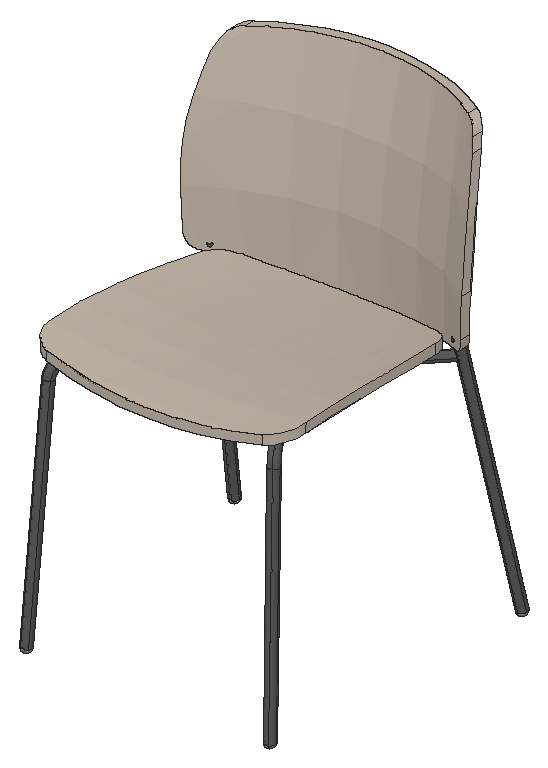
Revit family "FU_Chair_Sandler_Aryn Max 1-5", category Furniture, Revit 2020
Family settings
  OmniClass Number = 23.40.20.00
  OmniClass Title = General Furniture and Specialties
  Work Plane-Based = No
  Always vertical = Yes
  Cut with Voids When Loaded = No
  Shared = No
  Room Calculation Point = No
Parameters (values of type "Aryn Max 1.5")
  Width = 520 mm
  URL = "https://www.sandlerseating.com/product/aryn-max-1-5/"
  Seat [instance] = Fabric - Gravity - Wheat CPC21
  Model = "Aryn Max 1.5"
  Manufacturer = "Sandler"
  Height = 780 mm
  Frame [instance] = Epoxy - M1_B00 - Black
  Description = "Stackable chair with fully upholstered seat and backrest and 4 leg base made with steel tubing. Greenguard Certified."
  Depth = 530 mm
  Default Elevation = 0 mm
Reference planes
  plane 1 "Center (Front/Back)": y = 0
  plane 2: z = 0
  plane 3 "Center (Left/Right)": x = 0
  plane 4 "Right": x = -260
  plane 5 "Left": x = 260
  plane 6 "Back": y = 265
  plane 7 "Front": y = -265
  plane 8 "Height": z = 780
  plane 9 "Seat height": z = 460
  plane 10 "BLL FRONT": through (250.382, -1524, 9.239) normal (-0.9972, 0, -0.0744)
  plane 11 "Frame Front RIGHT": through (4267.2, -198.696, 446.759) normal (0, 0.08, 0.9968)
  plane 12 "RFL TOP": through (-141.022, -129.086, 1200) normal (0.8709, -0.4914, 0)
  plane 13 "Frame Back RIGHT": through (4267.2, 33.622, 428.122) normal (0, -0.0217, 0.9998)
  plane 14 "Glides": z = 8
Forms (mm)
  Sweep 1, solid, material "Epoxy - M1_B00 - Black" <- "Frame"
    path origin (-51.726, 29.184, 0) x (0.491386, 0.870942, 0) y (0, 0, 1)
      loop
        line (-328.166, -13.028) -> (-294.178, 420.642)
        arc (-294.178, 420.642) -> (-283.566, 440.645) -> (-261.706, 446.552) r 28.432
        line (-261.706, 446.552) -> (-256.715, 446.246)
    profile "Pro_Circles : 18mm" origin (-204.632, -241.829, 203.807) x (-0.489884, -0.868279, 0.078134) y (0.870942, -0.491386, 0)
      loop
        arc (-8.967, 0.067) -> (-6.408, -6.313) -> (-0.067, -8.967) r 8.901
        arc (-0.067, -8.967) -> (6.361, -6.361) -> (8.967, 0.067) r 8.901
        arc (8.967, 0.067) -> (6.313, 6.407) -> (-0.067, 8.967) r 8.901
        arc (-0.067, 8.967) -> (-6.36, 6.36) -> (-8.967, 0.067) r 8.9
  Sweep 2, solid, material "Epoxy - M1_B00 - Black" <- "Frame"
    path origin (0, 34.34, 428.064) x (0, -0.996798, 0.079964) y (1, 0, 0)
      loop
        line (-0.763, -109.079) -> (134.793, -131.041)
        arc (134.793, -131.041) -> (149.795, -134.796) -> (163.951, -141.022) r 91.523
        line (163.951, -141.022) -> (235.331, -181.166)
    profile "Pro_Circles : 18mm" origin (-120.06, -32.461, 433.423) x (0.987128, -0.15942, 0.012789) y (0, 0.079964, 0.996798)
      loop
        arc (-8.967, 0.067) -> (-6.408, -6.313) -> (-0.067, -8.967) r 8.901
        arc (-0.067, -8.967) -> (6.361, -6.361) -> (8.967, 0.067) r 8.901
        arc (8.967, 0.067) -> (6.313, 6.407) -> (-0.067, 8.967) r 8.901
        arc (-0.067, 8.967) -> (-6.36, 6.36) -> (-8.967, 0.067) r 8.9
  Sweep 3, solid, material "Epoxy - M1_B00 - Black" <- "Frame"
    path origin (0, -9.252, 427.193) x (0, -0.999766, -0.021652) y (1, 0, 0)
      loop
        line (-175.346, -219.563) -> (-81.686, -121.734)
        arc (-81.686, -121.734) -> (-64.572, -110.836) -> (-44.359, -109.079) r 42.651
    profile "Pro_Circles : 18mm" origin (-170.648, 119.234, 429.976) x (0.691547, 0.722162, 0.01564) y (0, -0.021652, 0.999766)
      loop
        arc (-8.967, 0.067) -> (-6.408, -6.313) -> (-0.067, -8.967) r 8.901
        arc (-0.067, -8.967) -> (6.361, -6.361) -> (8.967, 0.067) r 8.901
        arc (8.967, 0.067) -> (6.313, 6.407) -> (-0.067, 8.967) r 8.901
        arc (-0.067, 8.967) -> (-6.36, 6.36) -> (-8.967, 0.067) r 8.9
  Sweep 4, solid, material "Epoxy - M1_B00 - Black" <- "Frame"
    path origin (249.681, -7.5, 18.632) x (0.074415, 0, -0.997227) y (0, -1, 0)
      loop
        line (28.25, -257.256) -> (-448.195, -157.276)
    profile "Pro_Circles : 18mm" origin (234.056, 199.766, 228.022) x (-0.015283, 0.978684, 0.204803) y (-0.997227, 0, -0.074415)
      loop
        arc (-8.967, 0.067) -> (-6.408, -6.313) -> (-0.067, -8.967) r 8.901
        arc (-0.067, -8.967) -> (6.361, -6.361) -> (8.967, 0.067) r 8.901
        arc (8.967, 0.067) -> (6.313, 6.407) -> (-0.067, 8.967) r 8.901
        arc (-0.067, 8.967) -> (-6.36, 6.36) -> (-8.967, 0.067) r 8.9
  Sweep 5, solid, material "Epoxy - M1_B00 - Black" <- "Frame"
    path origin (51.726, 29.184, 0) x (-0.491386, 0.870942, 0) y (0, 0, -1)
      loop
        line (-328.166, 13.028) -> (-294.178, -420.642)
        arc (-294.178, -420.642) -> (-283.566, -440.645) -> (-261.706, -446.552) r 28.432
        line (-261.706, -446.552) -> (-256.715, -446.246)
    profile "Pro_Circles : 18mm" origin (204.632, -241.829, 203.807) x (-0.489884, 0.868279, -0.078134) y (-0.870942, -0.491386, 0)
      loop
        arc (8.967, 0.067) -> (6.36, 6.36) -> (0.067, 8.967) r 8.9
        arc (0.067, 8.967) -> (-6.313, 6.407) -> (-8.967, 0.067) r 8.901
        arc (-8.967, 0.067) -> (-6.361, -6.361) -> (0.067, -8.967) r 8.901
        arc (0.067, -8.967) -> (6.408, -6.313) -> (8.967, 0.067) r 8.901
  Sweep 6, solid, material "Epoxy - M1_B00 - Black" <- "Frame"
    path origin (0, 34.34, 428.064) x (0, -0.996798, 0.079964) y (-1, 0, 0)
      loop
        line (-0.763, -109.079) -> (134.793, -131.041)
        arc (134.793, -131.041) -> (149.795, -134.796) -> (163.951, -141.022) r 91.523
        line (163.951, -141.022) -> (235.331, -181.166)
    profile "Pro_Circles : 18mm" origin (120.06, -32.461, 433.423) x (0.987128, 0.15942, -0.012789) y (0, 0.079964, 0.996798)
      loop
        arc (8.967, 0.067) -> (6.36, 6.36) -> (0.067, 8.967) r 8.9
        arc (0.067, 8.967) -> (-6.313, 6.407) -> (-8.967, 0.067) r 8.901
        arc (-8.967, 0.067) -> (-6.361, -6.361) -> (0.067, -8.967) r 8.901
        arc (0.067, -8.967) -> (6.408, -6.313) -> (8.967, 0.067) r 8.901
  Sweep 7, solid, material "Epoxy - M1_B00 - Black" <- "Frame"
    path origin (-249.681, -7.5, 18.632) x (-0.074415, 0, -0.997227) y (0, 1, 0)
      loop
        line (28.25, 257.256) -> (-448.058, 157.305)
    profile "Pro_Circles : 18mm" origin (-234.061, 199.781, 227.954) x (-0.015283, -0.978684, -0.204803) y (0.997227, 0, -0.074415)
      loop
        arc (8.967, 0.067) -> (6.36, 6.36) -> (0.067, 8.967) r 8.9
        arc (0.067, 8.967) -> (-6.313, 6.407) -> (-8.967, 0.067) r 8.901
        arc (-8.967, 0.067) -> (-6.361, -6.361) -> (0.067, -8.967) r 8.901
        arc (0.067, -8.967) -> (6.408, -6.313) -> (8.967, 0.067) r 8.901
  Sweep 8, solid, material "Epoxy - M1_B00 - Black" <- "Frame"
    path origin (0, -9.252, 427.193) x (0, -0.999766, -0.021652) y (-1, 0, 0)
      loop
        line (-175.346, -219.563) -> (-81.686, -121.734)
        arc (-81.686, -121.734) -> (-64.572, -110.836) -> (-44.359, -109.079) r 42.651
    profile "Pro_Circles : 18mm" origin (170.648, 119.234, 429.976) x (0.691547, -0.722162, -0.01564) y (0, -0.021652, 0.999766)
      loop
        arc (8.967, 0.067) -> (6.36, 6.36) -> (0.067, 8.967) r 8.9
        arc (0.067, 8.967) -> (-6.313, 6.407) -> (-8.967, 0.067) r 8.901
        arc (-8.967, 0.067) -> (-6.361, -6.361) -> (0.067, -8.967) r 8.901
        arc (0.067, -8.967) -> (6.408, -6.313) -> (8.967, 0.067) r 8.901
  SweptBlend 9, solid, material "Fabric - Gravity - Wheat CPC21" <- "Seat"
    path in 3D
      loop
        spline (0, 240.678, 411.512) -> (0, 198.353, 416.47) -> (0, 152.324, 422.267) -> (0, 103.604, 428.497) -> (0, 53.207, 434.755) -> (0, 2.147, 440.635) -> (0, -48.564, 445.733) -> (0, -97.909, 449.643) -> (0, -144.878, 451.96) -> (0, -188.455, 452.278) -> (0, -227.626, 450.192) -> (0, -261.379, 445.298) -> (0, -288.7, 437.19)
    profile "Pro_ArynMax_SeatBack-Uph : Pro_ArynMax_SeatBack-Uph" origin (0, 240.678, 411.512) x (0, -0.109086, -0.994032) y (1, 0, 0)
      loop
        arc (-31.139, -224.979) -> (0, 0.022) -> (-31.151, 225.021) r 828.304
        line (-31.151, 225.021) -> (-47.542, 225.021)
        arc (-47.542, 225.021) -> (-15.869, 0.022) -> (-47.53, -224.979) r 815.145
        line (-47.53, -224.979) -> (-31.139, -224.979)
    end profile "Pro_ArynMax_SeatFront_Uph : Pro_ArynMax_SeatFront_Uph" origin (0, -288.7, 437.19) x (0, 0.382893, -0.923793) y (1, 0, 0)
      loop
        line (-26.966, -235) -> (-11.131, -235)
        arc (-11.131, -235) -> (0, 0) -> (-11.129, 235) r 2486.398
        line (-11.129, 235) -> (-26.964, 235)
        arc (-26.964, 235) -> (-15.763, 0) -> (-26.966, -235) r 2470.46
  Extrusion 10, void
    sketch origin (0, 0, 0) x (1, 0, 0) y (0, 1, 0)
      loop
        arc (-204.515, 114.088) -> (-219.818, -38.462) -> (-224.424, -191.708) r 2192.678
        arc (-224.424, -191.708) -> (-213.825, -223.125) -> (-186.545, -241.97) r 52.63
        arc (-186.545, -241.97) -> (0, -263.384) -> (186.545, -241.97) r 823.215
        arc (186.545, -241.97) -> (213.825, -223.125) -> (224.424, -191.708) r 52.63
        arc (224.424, -191.708) -> (219.818, -38.462) -> (204.515, 114.088) r 2192.678
        arc (204.515, 114.088) -> (195.383, 140.311) -> (174.066, 158.103) r 52.034
        arc (174.066, 158.103) -> (0, 195.698) -> (-174.066, 158.103) r 421.764
        arc (-174.066, 158.103) -> (-195.383, 140.311) -> (-204.515, 114.088) r 52.034
      loop
        line (-260, 265) -> (-260, -309.796) -> (260, -309.796) -> (260, 265) -> (-260, 265)
    from 398.887 to 504.784
  Sweep 11, solid, material "Fabric - Gravity - Wheat CPC21" <- "Seat"
    path origin (0, 0, 0) x (0, 1, 0) y (0, 0, 1)
      loop
        arc (223.918, 396.735) -> (224.639, 603.169) -> (274.5, 803.493) r 860.629
    profile "Pro_ArynMax_Back-Uph : Pro_ArynMax_Back-Uph" origin (0, 224.639, 603.169) x (0, -0.992357, 0.123404) y (1, 0, 0)
      loop
        line (103.073, -275) -> (121.794, -275)
        arc (121.794, -275) -> (15.81, 0.011) -> (121.851, 275) r 409.685
        line (121.851, 275) -> (103.079, 275)
        arc (103.079, 275) -> (0, 0.001) -> (103.073, -275) r 418.379
  Extrusion 12, void
    sketch origin (0, 0, 0) x (1, 0, 0) y (0, 0, 1)
      loop
        line (-290, 870) -> (-290, 340) -> (290, 340) -> (290, 870) -> (-290, 870)
      loop
        arc (-220.145, 766.435) -> (-224.063, 756.846) -> (-227.759, 747.169) r 450.097
        arc (-227.759, 747.169) -> (-244.037, 649.532) -> (-245.007, 550.552) r 637.591
        arc (-245.007, 550.552) -> (-243.032, 515.829) -> (-241.828, 481.07) r 1567.313
        arc (-241.828, 481.07) -> (-238.204, 464.635) -> (-226.277, 452.76) r 29.905
        arc (-226.277, 452.76) -> (0, 422.676) -> (226.277, 452.76) r 866.028
        arc (226.277, 452.76) -> (238.204, 464.635) -> (241.828, 481.07) r 29.905
        arc (241.828, 481.07) -> (243.032, 515.829) -> (245.007, 550.552) r 1567.313
        arc (245.007, 550.552) -> (244.037, 649.532) -> (227.759, 747.169) r 637.591
        arc (227.759, 747.169) -> (224.063, 756.846) -> (220.145, 766.435) r 450.097
        arc (220.145, 766.435) -> (209.812, 779.426) -> (194.239, 785.174) r 30.826
        arc (194.239, 785.174) -> (0, 789.999) -> (-194.239, 785.174) r 3911.947
        arc (-194.239, 785.174) -> (-209.812, 779.426) -> (-220.145, 766.435) r 30.826
    from -283.311 to -76.513
  Extrusion 13, void
    sketch origin (0, 0, 0) x (0, 1, 0) y (0, 0, 1)
      loop
        line (-270.234, 8) -> (-270.234, -17) -> (269.766, -17) -> (269.766, 8) -> (-270.234, 8)
    from -270 to 270
  Revolve 14, solid, material "Rubber, Black"
    sketch origin (-51.726, 29.184, 0) x (0.491386, 0.870942, 0) y (0, 0, 1)
      loop
        spline (-326.452, 16) -> (-328.781, 15.727) -> (-330.952, 14.928) -> (-332.816, 13.657) -> (-334.246, 12) -> (-335.145, 10.071) -> (-335.452, 8) -> (-335.145, 5.929) -> (-334.246, 4) -> (-332.816, 2.343) -> (-330.952, 1.072) -> (-328.781, 0.273) -> (-326.452, 0)
        line (-326.452, 0) -> (-326.452, 16)
      axis (-326.452, 16) -> (-326.452, 0)
    angle from 0 to 360
  Revolve 15, solid, material "Rubber, Black"
    sketch origin (51.726, 29.184, 0) x (-0.491386, 0.870942, 0) y (0, 0, -1)
      loop
        line (-326.452, -16) -> (-326.452, 0)
        spline (-326.452, 0) -> (-328.781, -0.273) -> (-330.952, -1.072) -> (-332.816, -2.343) -> (-334.246, -4) -> (-335.145, -5.929) -> (-335.452, -8) -> (-335.145, -10.071) -> (-334.246, -12) -> (-332.816, -13.657) -> (-330.952, -14.928) -> (-328.781, -15.727) -> (-326.452, -16)
      axis (-326.452, -16) -> (-326.452, 0)
    angle from 0 to 360
  Revolve 16, solid, material "Rubber, Black"
    sketch origin (90.003, -38.223, 0) x (-0.491386, -0.870942, 0) y (0, 0, 1)
      loop
        spline (-326.452, 16) -> (-328.781, 15.727) -> (-330.952, 14.928) -> (-332.816, 13.657) -> (-334.246, 12) -> (-335.145, 10.071) -> (-335.452, 8) -> (-335.145, 5.929) -> (-334.246, 4) -> (-332.816, 2.343) -> (-330.952, 1.072) -> (-328.781, 0.273) -> (-326.452, 0)
        line (-326.452, 0) -> (-326.452, 16)
      axis (-326.452, 16) -> (-326.452, 0)
    angle from 0 to 360
  Revolve 17, solid, material "Rubber, Black"
    sketch origin (-90.003, -38.223, 0) x (0.491386, -0.870942, 0) y (0, 0, -1)
      loop
        line (-326.452, -16) -> (-326.452, 0)
        spline (-326.452, 0) -> (-328.781, -0.273) -> (-330.952, -1.072) -> (-332.816, -2.343) -> (-334.246, -4) -> (-335.145, -5.929) -> (-335.452, -8) -> (-335.145, -10.071) -> (-334.246, -12) -> (-332.816, -13.657) -> (-330.952, -14.928) -> (-328.781, -15.727) -> (-326.452, -16)
      axis (-326.452, -16) -> (-326.452, 0)
    angle from 0 to 360
Cuts and joins
  Extrusion 10 cuts SweptBlend 9
  Extrusion 13 cuts Sweep 1
  Extrusion 13 cuts Sweep 7
  Extrusion 13 cuts Sweep 5
  Extrusion 13 cuts Sweep 4
  Extrusion 12 cuts Sweep 11
Lines and regions (mm)
  sketch lines
    curve 1: spline (0, 240.678, 411.512) -> (0, 198.353, 416.47) -> (0, 152.324, 422.267) -> (0, 103.604, 428.497) -> (0, 53.207, 434.755) -> (0, 2.147, 440.635) -> (0, -48.564, 445.733) -> (0, -97.909, 449.643) -> (0, -144.878, 451.96) -> (0, -188.455, 452.278) -> (0, -227.626, 450.192) -> (0, -261.379, 445.298) -> (0, -288.7, 437.19)
Dimensions and locks
  equal spacing: plane 4 "Right", plane 3 "Center (Left/Right)", plane 5 "Left"
  "Width": plane 4 "Right" to plane 5 "Left"
  equal spacing: plane 6 "Back", plane 1 "Center (Front/Back)", plane 7 "Front"
  "Depth": plane 6 "Back" to plane 7 "Front"
  "Height": plane 8 "Height" to level
  plane 9 "Seat height" to level = 460 mm
  aligned and locked: level to plane 2
Automatic sketch dimensions
  Sweep 1 sketch curve to plane 9 "Seat height" = 39.358 mm
  Sweep 1 sketch curve to Sweep 1 sketch curve = 28.346 mm
  Sweep 1 sketch curve to plane 9 "Seat height" = 13.448 mm
  Sweep 1 sketch curve to Sweep 1 sketch curve = 4.127 mm
  Sweep 1 sketch curve to level = 13.028 mm
  Sweep 1 sketch curve to Sweep 1 sketch curve = 33.988 mm
  Sweep 1 sketch curve to plane 9 "Seat height" = 13.754 mm
  Sweep 1 sketch curve to Sweep 1 sketch curve = 4.991 mm
  Sweep 2 sketch curve to plane 4 "Right" = 38.613 mm
  Sweep 2 sketch curve to plane 4 "Right" = 128.959 mm
  Sweep 2 sketch curve to Sweep 2 sketch curve = 14.638 mm
  Sweep 2 sketch curve to plane 4 "Right" = 118.978 mm
  Sweep 2 sketch curve to plane 3 "Center (Left/Right)" = 109.079 mm
  Sweep 2 sketch curve to Sweep 2 sketch curve = 135.556 mm
  Sweep 2 sketch curve to plane 4 "Right" = 78.834 mm
  Sweep 2 sketch curve to Sweep 2 sketch curve = 71.381 mm
  Sweep 3 sketch curve to plane 3 "Center (Left/Right)" = 121.734 mm
  Sweep 3 sketch curve to Sweep 3 sketch curve = 30.808 mm
  Sweep 3 sketch curve to Sweep 3 sketch curve = 29.495 mm
  Sweep 3 sketch curve to plane 4 "Right" = 40.437 mm
  Sweep 3 sketch curve to Sweep 3 sketch curve = 93.66 mm
  Sweep 3 sketch curve to Sweep 3 sketch curve = 37.327 mm
  Sweep 5 sketch curve to plane 9 "Seat height" = 39.358 mm
  Sweep 5 sketch curve to Sweep 5 sketch curve = 28.346 mm
  Sweep 5 sketch curve to plane 9 "Seat height" = 13.448 mm
  Sweep 5 sketch curve to Sweep 5 sketch curve = 4.127 mm
  Sweep 5 sketch curve to level = 13.028 mm
  Sweep 5 sketch curve to Sweep 5 sketch curve = 33.988 mm
  Sweep 5 sketch curve to plane 9 "Seat height" = 13.754 mm
  Sweep 5 sketch curve to Sweep 5 sketch curve = 4.991 mm
  Sweep 6 sketch curve to plane 5 "Left" = 38.613 mm
  Sweep 6 sketch curve to plane 5 "Left" = 128.959 mm
  Sweep 6 sketch curve to Sweep 6 sketch curve = 14.638 mm
  Sweep 6 sketch curve to plane 5 "Left" = 118.978 mm
  Sweep 6 sketch curve to plane 3 "Center (Left/Right)" = 109.079 mm
  Sweep 6 sketch curve to Sweep 6 sketch curve = 135.556 mm
  Sweep 6 sketch curve to plane 5 "Left" = 78.834 mm
  Sweep 6 sketch curve to Sweep 6 sketch curve = 71.381 mm
  Sweep 8 sketch curve to plane 3 "Center (Left/Right)" = 121.734 mm
  Sweep 8 sketch curve to Sweep 8 sketch curve = 30.808 mm
  Sweep 8 sketch curve to Sweep 8 sketch curve = 29.495 mm
  Sweep 8 sketch curve to plane 5 "Left" = 40.437 mm
  Sweep 8 sketch curve to Sweep 8 sketch curve = 93.66 mm
  Sweep 8 sketch curve to Sweep 8 sketch curve = 37.327 mm
  Extrusion 10 sketch curve to plane 4 "Right" = 0 mm
  Extrusion 10 sketch curve to plane 3 "Center (Left/Right)" = 0 mm  (x2)
  Extrusion 10 sketch curve to plane 5 "Left" = 0 mm
  Extrusion 10 sketch curve to plane 6 "Back" = 0 mm
  plane 7 "Front" to Extrusion 10 sketch curve = 84.085 mm  (x2)
  plane 4 "Right" to Extrusion 10 sketch curve = 1708.228 mm
  Extrusion 10 sketch curve to plane 4 "Right" = 88.205 mm
  Extrusion 10 sketch curve to plane 4 "Right" = 107.409 mm
  plane 5 "Left" to Extrusion 10 sketch curve = 107.409 mm
  plane 5 "Left" to Extrusion 10 sketch curve = 88.205 mm
  Extrusion 10 sketch curve to plane 5 "Left" = 1708.228 mm
  plane 7 "Front" to Extrusion 10 sketch curve = 73.551 mm  (x2)
  plane 7 "Front" to Extrusion 10 sketch curve = 38.935 mm
  Extrusion 10 sketch curve to plane 7 "Front" = 44.796 mm
  Extrusion 10 sketch curve to plane 1 "Center (Front/Back)" = 110.708 mm  (x2)
  plane 6 "Back" to Extrusion 10 sketch curve = 294.831 mm
  Extrusion 10 sketch curve to plane 4 "Right" = 35.576 mm
  Extrusion 10 sketch curve to Extrusion 10 sketch curve = 0 mm  (x3)
  Extrusion 10 sketch curve to Extrusion 10 sketch curve = 51.924 mm  (x2)
  plane 7 "Front" to Extrusion 10 sketch curve = 23.03 mm  (x2)
  plane 14 "Glides" to Extrusion 13 sketch curve = 0 mm
  Extrusion 13 sketch curve to plane 7 "Front" = 5.234 mm
  plane 6 "Back" to Extrusion 13 sketch curve = 4.766 mm
  Extrusion 13 sketch curve to level = 17 mm
  plane 14 "Glides" to Revolve 14 sketch curve = 0 mm
  Revolve 14 sketch curve to level = 0 mm
  Revolve 14 sketch curve to Revolve 14 sketch curve = 9 mm
  Revolve 14 sketch curve to Revolve 14 sketch curve = 0 mm  (x2)
  Revolve 14 sketch curve to level = 4 mm
  plane 14 "Glides" to Revolve 15 sketch curve = 0 mm
  Revolve 15 sketch curve to level = 0 mm
  Revolve 15 sketch curve to Revolve 15 sketch curve = 9 mm
  Revolve 15 sketch curve to Revolve 15 sketch curve = 0 mm  (x2)
  Revolve 15 sketch curve to Revolve 15 sketch curve = 4 mm
  Revolve 16 sketch curve to plane 14 "Glides" = 0 mm
  level to Revolve 16 sketch curve = 0 mm
  Revolve 16 sketch curve to Revolve 16 sketch curve = 9 mm
  Revolve 16 sketch curve to Revolve 16 sketch curve = 0 mm  (x2)
  Revolve 16 sketch curve to level = 4 mm
  Revolve 17 sketch curve to plane 14 "Glides" = 0 mm
  level to Revolve 17 sketch curve = 0 mm
  Revolve 17 sketch curve to Revolve 17 sketch curve = 9 mm
  Revolve 17 sketch curve to Revolve 17 sketch curve = 0 mm  (x2)
  Revolve 17 sketch curve to Revolve 17 sketch curve = 4 mm
  plane 9 "Seat height" to Sweep 11 sketch curve = 36.964 mm
  plane 6 "Back" to Sweep 11 sketch curve = 813.69 mm
  plane 6 "Back" to Sweep 11 sketch curve = 9.5 mm
  Sweep 11 sketch curve to plane 6 "Back" = 41.082 mm
  Sweep 11 sketch curve to plane 9 "Seat height" = 63.265 mm
  Extrusion 12 sketch curve to plane 3 "Center (Left/Right)" = 0 mm
  plane 3 "Center (Left/Right)" to Extrusion 12 sketch curve = 0 mm
  Extrusion 12 sketch curve to plane 8 "Height" = 25.551 mm  (x2)
  Extrusion 12 sketch curve to plane 4 "Right" = 68.255 mm
  Extrusion 12 sketch curve to plane 4 "Right" = 65.468 mm
  plane 9 "Seat height" to Extrusion 12 sketch curve = 19.033 mm  (x2)
  Extrusion 12 sketch curve to plane 4 "Right" = 48.007 mm
  plane 4 "Right" to Extrusion 12 sketch curve = 30 mm
  plane 4 "Right" to Extrusion 12 sketch curve = 131.115 mm
  Extrusion 12 sketch curve to plane 9 "Seat height" = 15.794 mm  (x2)
  Extrusion 12 sketch curve to Extrusion 12 sketch curve = 1417.593 mm  (x2)
  plane 5 "Left" to Extrusion 12 sketch curve = 68.255 mm
  plane 5 "Left" to Extrusion 12 sketch curve = 65.468 mm
  plane 5 "Left" to Extrusion 12 sketch curve = 48.007 mm
  Extrusion 12 sketch curve to plane 5 "Left" = 30 mm
  Extrusion 12 sketch curve to plane 5 "Left" = 131.115 mm
  Extrusion 12 sketch curve to plane 9 "Seat height" = 120 mm
  Extrusion 12 sketch curve to level = 3121.948 mm
  Extrusion 12 sketch curve to Extrusion 12 sketch curve = 112.387 mm  (x2)
  plane 9 "Seat height" to Extrusion 12 sketch curve = 133.814 mm  (x2)
  plane 8 "Height" to Extrusion 12 sketch curve = 90 mm
  plane 8 "Height" to Extrusion 12 sketch curve = 508.704 mm
  plane 8 "Height" to Extrusion 12 sketch curve = 5.174 mm  (x2)
  Extrusion 12 sketch curve to Extrusion 12 sketch curve = 2.495 mm
  Extrusion 12 sketch curve to Extrusion 12 sketch curve = 0 mm  (x2)
  Extrusion 12 sketch curve to plane 9 "Seat height" = 7.24 mm  (x2)
  Extrusion 12 sketch curve to Extrusion 12 sketch curve = 14.285 mm
  Extrusion 12 sketch curve to Extrusion 12 sketch curve = 7.614 mm  (x2)
  Extrusion 12 sketch curve to plane 4 "Right" = 18.172 mm
  plane 5 "Left" to Extrusion 12 sketch curve = 18.172 mm
  Sweep 4 sketch curve to plane 6 "Back" = 115.224 mm
  Sweep 4 sketch curve to plane 6 "Back" = 15.244 mm
  Sweep 4 sketch curve to Sweep 4 sketch curve = 476.445 mm
  Sweep 7 sketch curve to plane 6 "Back" = 115.195 mm
  Sweep 7 sketch curve to plane 6 "Back" = 15.244 mm
  Sweep 7 sketch curve to Sweep 7 sketch curve = 476.308 mm
